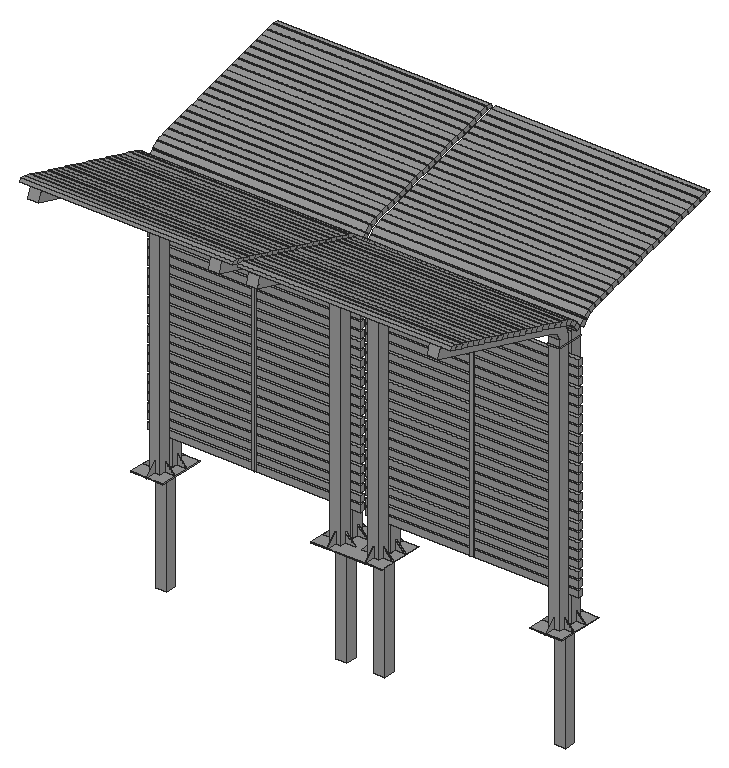
Revit family "20404 Навес «Кайлас» двойной двухсторонний закрытый Хоббика", category Антураж, Revit 2018
Family settings
  На основе рабочей плоскости = Нет
  Всегда вертикально = Да
  При загрузке вырезать с полостями = Нет
  Источник визуального образа = Геометрия семейства
  Общий = Нет
  Точка расчета площади = Нет
Parameters (values of type "Навес «Кайлас» двойной двухсторонний закрытый")
  Ширина = 3050 mm  # constant formula
  Цвет отделки = Дерево
  Цвет каркаса = Сталь
  Описание = "Навес «Кайлас» двойной двухсторонний закрытый"  # constant formula
  Материал изделия = "Сталь, дерево"  # constant formula
  Изображение типоразмера = Навес «Кайлас» двойной двухсторонний закрытый Арт 20404.jpg
  Изготовитель = "ООО «Хоббика»"  # constant formula
  Длина = 4000 mm  # constant formula
  Группа модели = "Навесы и беседки"  # constant formula
  Высота = 3000 mm  # constant formula
  Артикул товара = "Арт. 20404"  # constant formula
  URL = "https://hobbyka.ru/product/naves_kaylas"
Reference planes
  plane 1 "По центру (Вперед/Назад)": y = 0
  plane 2: z = 0
  plane 3 "По центру (Влево/Вправо)": x = 0
  plane 4: x = 4000
  plane 5: y = 3050
  plane 6: z = 3000
Forms (mm)
  Extrusion 1, solid, material "Дерево" <- "Цвет отделки"
    sketch origin (0, 0, 0) x (0, 1, 0) y (0, 0, 1)
      loop
        line (1747.61, 2657.973) -> (1689.827, 2641.814) -> (1700.599, 2603.292) -> (1758.383, 2619.451) -> (1747.61, 2657.973)
      loop
        arc (1680.196, 2639.121) -> (1651.879, 2629.274) -> (1624.997, 2616) r 241.97
        line (1624.997, 2616) -> (1644.894, 2581.3)
        arc (1644.894, 2581.3) -> (1667.333, 2592.379) -> (1690.969, 2600.599) r 201.97
        line (1690.969, 2600.599) -> (1680.196, 2639.121)
      loop
        line (1637.741, 2577) -> (1616.427, 2610.848)
        arc (1616.427, 2610.848) -> (1592.095, 2593.331) -> (1570.117, 2572.94) r 241.97
        line (1570.117, 2572.94) -> (1599.087, 2545.359)
        arc (1599.087, 2545.359) -> (1617.432, 2562.379) -> (1637.741, 2577) r 201.97
      loop
        line (1593.458, 2539.196) -> (1563.373, 2565.558)
        arc (1563.373, 2565.558) -> (1545.05, 2541.828) -> (1529.801, 2516.014) r 241.97
        line (1529.801, 2516.014) -> (1565.436, 2497.843)
        arc (1565.436, 2497.843) -> (1578.163, 2519.389) -> (1593.458, 2539.196) r 201.97
      loop
        line (1815.024, 2676.825) -> (1757.241, 2660.666) -> (1768.013, 2622.144) -> (1825.796, 2638.303) -> (1815.024, 2676.825)
      loop
        line (1882.437, 2695.677) -> (1824.654, 2679.518) -> (1835.427, 2640.996) -> (1893.21, 2657.155) -> (1882.437, 2695.677)
      loop
        line (1949.851, 2714.529) -> (1892.068, 2698.37) -> (1902.841, 2659.848) -> (1960.624, 2676.007) -> (1949.851, 2714.529)
      loop
        line (2017.265, 2733.381) -> (1959.482, 2717.222) -> (1970.254, 2678.7) -> (2028.037, 2694.858) -> (2017.265, 2733.381)
      loop
        line (2084.679, 2752.232) -> (2026.895, 2736.074) -> (2037.668, 2697.552) -> (2095.451, 2713.71) -> (2084.679, 2752.232)
      loop
        line (2152.092, 2771.084) -> (2094.309, 2754.926) -> (2105.082, 2716.403) -> (2162.865, 2732.562) -> (2152.092, 2771.084)
      loop
        line (2219.506, 2789.936) -> (2161.723, 2773.777) -> (2172.495, 2735.255) -> (2230.278, 2751.414) -> (2219.506, 2789.936)
      loop
        line (2286.92, 2808.788) -> (2229.137, 2792.629) -> (2239.909, 2754.107) -> (2297.692, 2770.266) -> (2286.92, 2808.788)
      loop
        line (2354.333, 2827.64) -> (2296.55, 2811.481) -> (2307.323, 2772.959) -> (2365.106, 2789.118) -> (2354.333, 2827.64)
      loop
        line (2421.747, 2846.492) -> (2363.964, 2830.333) -> (2374.736, 2791.811) -> (2432.52, 2807.97) -> (2421.747, 2846.492)
      loop
        line (2489.161, 2865.344) -> (2431.378, 2849.185) -> (2442.15, 2810.663) -> (2499.933, 2826.822) -> (2489.161, 2865.344)
      loop
        line (2556.574, 2884.196) -> (2498.791, 2868.037) -> (2509.564, 2829.515) -> (2567.347, 2845.673) -> (2556.574, 2884.196)
      loop
        line (2623.988, 2903.047) -> (2566.205, 2886.889) -> (2576.977, 2848.367) -> (2634.761, 2864.525) -> (2623.988, 2903.047)
      loop
        line (2691.402, 2921.899) -> (2633.619, 2905.741) -> (2644.391, 2867.218) -> (2702.174, 2883.377) -> (2691.402, 2921.899)
      loop
        line (2758.816, 2940.751) -> (2701.032, 2924.592) -> (2711.805, 2886.07) -> (2769.588, 2902.229) -> (2758.816, 2940.751)
      loop
        line (2826.229, 2959.603) -> (2768.446, 2943.444) -> (2779.219, 2904.922) -> (2837.002, 2921.081) -> (2826.229, 2959.603)
      loop
        line (2893.643, 2978.455) -> (2835.86, 2962.296) -> (2846.632, 2923.774) -> (2904.415, 2939.933) -> (2893.643, 2978.455)
      loop
        line (2961.057, 2997.307) -> (2903.273, 2981.148) -> (2914.046, 2942.626) -> (2971.829, 2958.785) -> (2961.057, 2997.307)
      loop
        line (3023.069, 2973.114) -> (3015.55, 3000) -> (2970.687, 3000) -> (2981.46, 2961.478) -> (3023.069, 2973.114)
      loop
        line (1302.39, 2657.973) -> (1291.617, 2619.451) -> (1349.401, 2603.292) -> (1360.173, 2641.814) -> (1302.39, 2657.973)
      loop
        line (1369.804, 2639.121) -> (1359.031, 2600.599)
        arc (1359.031, 2600.599) -> (1382.667, 2592.379) -> (1405.106, 2581.3) r 201.97
        line (1405.106, 2581.3) -> (1425.003, 2616)
        arc (1425.003, 2616) -> (1398.121, 2629.274) -> (1369.804, 2639.121) r 241.97
      loop
        arc (1412.259, 2577) -> (1432.568, 2562.379) -> (1450.913, 2545.359) r 201.97
        line (1450.913, 2545.359) -> (1479.883, 2572.94)
        arc (1479.883, 2572.94) -> (1457.905, 2593.331) -> (1433.573, 2610.848) r 241.97
        line (1433.573, 2610.848) -> (1412.259, 2577)
      loop
        arc (1456.542, 2539.196) -> (1471.837, 2519.389) -> (1484.564, 2497.843) r 201.97
        line (1484.564, 2497.843) -> (1520.199, 2516.014)
        arc (1520.199, 2516.014) -> (1504.95, 2541.828) -> (1486.627, 2565.558) r 241.97
        line (1486.627, 2565.558) -> (1456.542, 2539.196)
      loop
        line (1234.976, 2676.825) -> (1224.204, 2638.303) -> (1281.987, 2622.144) -> (1292.759, 2660.666) -> (1234.976, 2676.825)
      loop
        line (1167.563, 2695.677) -> (1156.79, 2657.155) -> (1214.573, 2640.996) -> (1225.346, 2679.518) -> (1167.563, 2695.677)
      loop
        line (1100.149, 2714.529) -> (1089.376, 2676.007) -> (1147.159, 2659.848) -> (1157.932, 2698.37) -> (1100.149, 2714.529)
      loop
        line (1032.735, 2733.381) -> (1021.963, 2694.858) -> (1079.746, 2678.7) -> (1090.518, 2717.222) -> (1032.735, 2733.381)
      loop
        line (965.321, 2752.232) -> (954.549, 2713.71) -> (1012.332, 2697.552) -> (1023.105, 2736.074) -> (965.321, 2752.232)
      loop
        line (897.908, 2771.084) -> (887.135, 2732.562) -> (944.918, 2716.403) -> (955.691, 2754.926) -> (897.908, 2771.084)
      loop
        line (830.494, 2789.936) -> (819.722, 2751.414) -> (877.505, 2735.255) -> (888.277, 2773.777) -> (830.494, 2789.936)
      loop
        line (763.08, 2808.788) -> (752.308, 2770.266) -> (810.091, 2754.107) -> (820.863, 2792.629) -> (763.08, 2808.788)
      loop
        line (695.667, 2827.64) -> (684.894, 2789.118) -> (742.677, 2772.959) -> (753.45, 2811.481) -> (695.667, 2827.64)
      loop
        line (628.253, 2846.492) -> (617.48, 2807.97) -> (675.264, 2791.811) -> (686.036, 2830.333) -> (628.253, 2846.492)
      loop
        line (560.839, 2865.344) -> (550.067, 2826.822) -> (607.85, 2810.663) -> (618.622, 2849.185) -> (560.839, 2865.344)
      loop
        line (493.426, 2884.196) -> (482.653, 2845.673) -> (540.436, 2829.515) -> (551.209, 2868.037) -> (493.426, 2884.196)
      loop
        line (426.012, 2903.047) -> (415.239, 2864.525) -> (473.023, 2848.367) -> (483.795, 2886.889) -> (426.012, 2903.047)
      loop
        line (358.598, 2921.899) -> (347.826, 2883.377) -> (405.609, 2867.218) -> (416.381, 2905.741) -> (358.598, 2921.899)
      loop
        line (291.184, 2940.751) -> (280.412, 2902.229) -> (338.195, 2886.07) -> (348.968, 2924.592) -> (291.184, 2940.751)
      loop
        line (223.771, 2959.603) -> (212.998, 2921.081) -> (270.781, 2904.922) -> (281.554, 2943.444) -> (223.771, 2959.603)
      loop
        line (156.357, 2978.455) -> (145.585, 2939.933) -> (203.368, 2923.774) -> (214.14, 2962.296) -> (156.357, 2978.455)
      loop
        line (88.943, 2997.307) -> (78.171, 2958.785) -> (135.954, 2942.626) -> (146.727, 2981.148) -> (88.943, 2997.307)
      loop
        line (26.931, 2973.114) -> (68.54, 2961.478) -> (79.313, 3000) -> (34.45, 3000) -> (26.931, 2973.114)
      loop
        line (1545, 2250) -> (1505, 2250) -> (1505, 2190) -> (1545, 2190) -> (1545, 2250)
      loop
        line (1545, 2170) -> (1505, 2170) -> (1505, 2110) -> (1545, 2110) -> (1545, 2170)
      loop
        line (1545, 2090) -> (1505, 2090) -> (1505, 2030) -> (1545, 2030) -> (1545, 2090)
      loop
        line (1545, 2010) -> (1505, 2010) -> (1505, 1950) -> (1545, 1950) -> (1545, 2010)
      loop
        line (1545, 1930) -> (1505, 1930) -> (1505, 1870) -> (1545, 1870) -> (1545, 1930)
      loop
        line (1545, 1850) -> (1505, 1850) -> (1505, 1790) -> (1545, 1790) -> (1545, 1850)
      loop
        line (1545, 1770) -> (1505, 1770) -> (1505, 1710) -> (1545, 1710) -> (1545, 1770)
      loop
        line (1545, 1690) -> (1505, 1690) -> (1505, 1630) -> (1545, 1630) -> (1545, 1690)
      loop
        line (1545, 1610) -> (1505, 1610) -> (1505, 1550) -> (1545, 1550) -> (1545, 1610)
      loop
        line (1545, 1530) -> (1505, 1530) -> (1505, 1470) -> (1545, 1470) -> (1545, 1530)
      loop
        line (1545, 1450) -> (1505, 1450) -> (1505, 1390) -> (1545, 1390) -> (1545, 1450)
      loop
        line (1545, 1370) -> (1505, 1370) -> (1505, 1310) -> (1545, 1310) -> (1545, 1370)
      loop
        line (1545, 1290) -> (1505, 1290) -> (1505, 1230) -> (1545, 1230) -> (1545, 1290)
      loop
        line (1545, 1210) -> (1505, 1210) -> (1505, 1150) -> (1545, 1150) -> (1545, 1210)
      loop
        line (1545, 1130) -> (1505, 1130) -> (1505, 1070) -> (1545, 1070) -> (1545, 1130)
      loop
        line (1545, 1050) -> (1505, 1050) -> (1505, 990) -> (1545, 990) -> (1545, 1050)
      loop
        line (1545, 970) -> (1505, 970) -> (1505, 910) -> (1545, 910) -> (1545, 970)
      loop
        line (1545, 890) -> (1505, 890) -> (1505, 830) -> (1545, 830) -> (1545, 890)
      loop
        line (1545, 810) -> (1505, 810) -> (1505, 750) -> (1545, 750) -> (1545, 810)
      loop
        line (1545, 730) -> (1505, 730) -> (1505, 670) -> (1545, 670) -> (1545, 730)
      loop
        line (1545, 650) -> (1505, 650) -> (1505, 590) -> (1545, 590) -> (1545, 650)
      loop
        line (1545, 570) -> (1505, 570) -> (1505, 510) -> (1545, 510) -> (1545, 570)
      loop
        line (1545, 490) -> (1505, 490) -> (1505, 430) -> (1545, 430) -> (1545, 490)
      loop
        line (1545, 410) -> (1505, 410) -> (1505, 350) -> (1545, 350) -> (1545, 410)
      loop
        line (1545, 330) -> (1505, 330) -> (1505, 270) -> (1545, 270) -> (1545, 330)
    from 0 to 1975
  Extrusion 2, solid, material "Сталь" <- "Цвет каркаса"
    sketch origin (0, 0, 0) x (0, 1, 0) y (0, 0, 1)
      loop
        line (1545, 2431.527) -> (1545, 0) -> (1645, 0) -> (1645, 2424.129)
        arc (1645, 2424.129) -> (1669.921, 2474.696) -> (1717.9, 2504.294) r 101.97
        line (1717.9, 2504.294) -> (3050, 2876.808) -> (3023.069, 2973.114) -> (1690.969, 2600.599)
        arc (1690.969, 2600.599) -> (1592.485, 2538.078) -> (1545, 2431.527) r 201.97
      loop
        arc (1505, 2431.527) -> (1457.515, 2538.078) -> (1359.031, 2600.599) r 201.97
        line (1359.031, 2600.599) -> (26.931, 2973.114) -> (0, 2876.808) -> (1332.1, 2504.294)
        arc (1332.1, 2504.294) -> (1380.079, 2474.696) -> (1405, 2424.129) r 101.97
        line (1405, 2424.129) -> (1405, 0) -> (1505, 0) -> (1505, 2431.527)
    from 100 to 200
  Extrusion 3, solid, material "Сталь" <- "Цвет каркаса"
    sketch origin (0, 0, 0) x (0, 1, 0) y (0, 0, 1)
      loop
        arc (1505, 2431.527) -> (1457.515, 2538.078) -> (1359.031, 2600.599) r 201.97
        line (1359.031, 2600.599) -> (26.931, 2973.114) -> (0, 2876.808) -> (1332.1, 2504.294)
        arc (1332.1, 2504.294) -> (1380.079, 2474.696) -> (1405, 2424.129) r 101.97
        line (1405, 2424.129) -> (1405, 5) -> (1452.5, 5) -> (1452.5, 100) -> (1457.5, 100) -> (1457.5, 5) -> (1505, 5) -> (1505, 2431.527)
      loop
        line (1545, 5) -> (1592.5, 5) -> (1592.5, 100) -> (1597.5, 100) -> (1597.5, 5) -> (1645, 5) -> (1645, 2424.129)
        arc (1645, 2424.129) -> (1669.921, 2474.696) -> (1717.9, 2504.294) r 101.97
        line (1717.9, 2504.294) -> (3050, 2876.808) -> (3023.069, 2973.114) -> (1690.969, 2600.599)
        arc (1690.969, 2600.599) -> (1592.485, 2538.078) -> (1545, 2431.527) r 201.97
        line (1545, 2431.527) -> (1545, 5)
    from 1775 to 1875
  Extrusion 4, solid, material "Сталь" <- "Цвет каркаса"
    sketch origin (0, 0, 0) x (0, 1, 0) y (0, 0, 1)
      loop
        arc (1505, 2431.527) -> (1457.515, 2538.078) -> (1359.031, 2600.599) r 201.97
        line (1359.031, 2600.599) -> (26.931, 2973.114) -> (0, 2876.808) -> (1332.1, 2504.294)
        arc (1332.1, 2504.294) -> (1380.079, 2474.696) -> (1405, 2424.129) r 101.97
        line (1405, 2424.129) -> (1405, 5) -> (1452.5, 5) -> (1452.5, 100) -> (1457.5, 100) -> (1457.5, 5) -> (1505, 5) -> (1505, 2431.527)
      loop
        line (1545, 5) -> (1592.5, 5) -> (1592.5, 100) -> (1597.5, 100) -> (1597.5, 5) -> (1645, 5) -> (1645, 2424.129)
        arc (1645, 2424.129) -> (1669.921, 2474.696) -> (1717.9, 2504.294) r 101.97
        line (1717.9, 2504.294) -> (3050, 2876.808) -> (3023.069, 2973.114) -> (1690.969, 2600.599)
        arc (1690.969, 2600.599) -> (1592.485, 2538.078) -> (1545, 2431.527) r 201.97
        line (1545, 2431.527) -> (1545, 5)
    from 2125 to 2225
  Extrusion 5, solid, material "Сталь" <- "Цвет каркаса"
    sketch origin (0, 0, 0) x (0, 1, 0) y (0, 0, 1)
      loop
        arc (1505, 2431.527) -> (1457.515, 2538.078) -> (1359.031, 2600.599) r 201.97
        line (1359.031, 2600.599) -> (26.931, 2973.114) -> (0, 2876.808) -> (1332.1, 2504.294)
        arc (1332.1, 2504.294) -> (1380.079, 2474.696) -> (1405, 2424.129) r 101.97
        line (1405, 2424.129) -> (1405, 5) -> (1452.5, 5) -> (1452.5, 100) -> (1457.5, 100) -> (1457.5, 5) -> (1505, 5) -> (1505, 2431.527)
      loop
        line (1545, 5) -> (1592.5, 5) -> (1592.5, 100) -> (1597.5, 100) -> (1597.5, 5) -> (1645, 5) -> (1645, 2424.129)
        arc (1645, 2424.129) -> (1669.921, 2474.696) -> (1717.9, 2504.294) r 101.97
        line (1717.9, 2504.294) -> (3050, 2876.808) -> (3023.069, 2973.114) -> (1690.969, 2600.599)
        arc (1690.969, 2600.599) -> (1592.485, 2538.078) -> (1545, 2431.527) r 201.97
        line (1545, 2431.527) -> (1545, 5)
    from 3800 to 3900
  Extrusion 6, solid, material "Сталь" <- "Цвет каркаса"
    sketch origin (0, 0, 0) x (1, 0, 0) y (0, 1, 0)
      loop
        line (100, 1475) -> (200, 1475) -> (200, 1575) -> (100, 1575) -> (100, 1475)
      loop
        line (1775, 1475) -> (1875, 1475) -> (1875, 1575) -> (1775, 1575) -> (1775, 1475)
      loop
        line (2125, 1475) -> (2225, 1475) -> (2225, 1575) -> (2125, 1575) -> (2125, 1475)
      loop
        line (3800, 1475) -> (3900, 1475) -> (3900, 1575) -> (3800, 1575) -> (3800, 1475)
    from 0 to -1000
  Extrusion 7, solid, material "Сталь" <- "Цвет каркаса"
    sketch origin (0, 0, 0) x (1, 0, 0) y (0, 1, 0)
      loop
        line (300, 1310) -> (300, 1740) -> (0, 1740) -> (0, 1310) -> (300, 1310)
      loop
        line (1675, 1740) -> (1675, 1310) -> (2325, 1310) -> (2325, 1740) -> (1675, 1740)
      loop
        line (4000, 1310) -> (4000, 1740) -> (3700, 1740) -> (3700, 1310) -> (4000, 1310)
    from 0 to 5
  Extrusion 8, solid, material "Сталь" <- "Цвет каркаса"
    sketch origin (0, 0, 0) x (0, 1, 0) y (0, 0, 1)
      loop
        line (1645, 0) -> (1745, 0) -> (1645, 100) -> (1645, 0)
      loop
        line (1405, 100) -> (1305, 0) -> (1405, 0) -> (1405, 100)
    from 147.5 to 152.5
  Extrusion 9, solid, material "Сталь" <- "Цвет каркаса"
    sketch origin (0, 0, 0) x (1, 0, 0) y (0, 0, 1)
      loop
        line (100, 100) -> (0, 0) -> (100, 0) -> (100, 100)
      loop
        line (200, 100) -> (200, 0) -> (300, 0) -> (200, 100)
      loop
        line (1775, 100) -> (1675, 0) -> (1775, 0) -> (1775, 100)
      loop
        line (1875, 100) -> (1875, 0) -> (1975, 0) -> (1875, 100)
      loop
        line (2125, 100) -> (2025, 0) -> (2125, 0) -> (2125, 100)
      loop
        line (2225, 100) -> (2225, 0) -> (2325, 0) -> (2225, 100)
      loop
        line (3800, 100) -> (3700, 0) -> (3800, 0) -> (3800, 100)
      loop
        line (3900, 100) -> (3900, 0) -> (4000, 0) -> (3900, 100)
    from -1457.5 to -1452.5
  Extrusion 10, solid, material "Сталь" <- "Цвет каркаса"
    sketch origin (0, 0, 0) x (1, 0, 0) y (0, 0, 1)
      loop
        line (100, 100) -> (0, 0) -> (100, 0) -> (100, 100)
      loop
        line (200, 100) -> (200, 0) -> (300, 0) -> (200, 100)
      loop
        line (1775, 100) -> (1675, 0) -> (1775, 0) -> (1775, 100)
      loop
        line (1875, 100) -> (1875, 0) -> (1975, 0) -> (1875, 100)
      loop
        line (2125, 100) -> (2025, 0) -> (2125, 0) -> (2125, 100)
      loop
        line (2225, 100) -> (2225, 0) -> (2325, 0) -> (2225, 100)
      loop
        line (3800, 100) -> (3700, 0) -> (3800, 0) -> (3800, 100)
      loop
        line (3900, 100) -> (3900, 0) -> (4000, 0) -> (3900, 100)
    from -1597.5 to -1592.5
  Extrusion 11, solid, material "Сталь" <- "Цвет каркаса"
    sketch origin (0, 0, 0) x (0, 1, 0) y (0, 0, 1)
      loop
        line (1645, 0) -> (1745, 0) -> (1645, 100) -> (1645, 0)
      loop
        line (1405, 100) -> (1305, 0) -> (1405, 0) -> (1405, 100)
    from 1822.5 to 1827.5
  Extrusion 12, solid, material "Сталь" <- "Цвет каркаса"
    sketch origin (0, 0, 0) x (0, 1, 0) y (0, 0, 1)
      loop
        line (1645, 0) -> (1745, 0) -> (1645, 100) -> (1645, 0)
      loop
        line (1405, 100) -> (1305, 0) -> (1405, 0) -> (1405, 100)
    from 2172.5 to 2177.5
  Extrusion 13, solid, material "Сталь" <- "Цвет каркаса"
    sketch origin (0, 0, 0) x (0, 1, 0) y (0, 0, 1)
      loop
        line (1645, 0) -> (1745, 0) -> (1645, 100) -> (1645, 0)
      loop
        line (1405, 100) -> (1305, 0) -> (1405, 0) -> (1405, 100)
    from 3847.5 to 3852.5
  Extrusion 14, solid, material "Сталь" <- "Цвет каркаса"
    sketch origin (0, 0, 0) x (1, 0, 0) y (0, 1, 0)
      loop
        line (100, 1645) -> (100, 1405) -> (200, 1405) -> (200, 1645) -> (100, 1645)
      loop
        line (95, 1650) -> (95, 1400) -> (205, 1400) -> (205, 1650) -> (95, 1650)
      loop
        line (1775, 1645) -> (1775, 1405) -> (1875, 1405) -> (1875, 1645) -> (1775, 1645)
      loop
        line (1770, 1650) -> (1770, 1400) -> (1880, 1400) -> (1880, 1650) -> (1770, 1650)
      loop
        line (2125, 1645) -> (2125, 1405) -> (2225, 1405) -> (2225, 1645) -> (2125, 1645)
      loop
        line (2120, 1650) -> (2120, 1400) -> (2230, 1400) -> (2230, 1650) -> (2120, 1650)
      loop
        line (3800, 1645) -> (3800, 1405) -> (3900, 1405) -> (3900, 1645) -> (3800, 1645)
      loop
        line (3795, 1650) -> (3795, 1400) -> (3905, 1400) -> (3905, 1650) -> (3795, 1650)
    from 2350 to 2360
  Extrusion 15, solid, material "Дерево" <- "Цвет отделки"
    sketch origin (0, 0, 0) x (0, 1, 0) y (0, 0, 1)
      loop
        line (1747.61, 2657.973) -> (1689.827, 2641.814) -> (1700.599, 2603.292) -> (1758.383, 2619.451) -> (1747.61, 2657.973)
      loop
        arc (1680.196, 2639.121) -> (1651.879, 2629.274) -> (1624.997, 2616) r 241.97
        line (1624.997, 2616) -> (1644.894, 2581.3)
        arc (1644.894, 2581.3) -> (1667.333, 2592.379) -> (1690.969, 2600.599) r 201.97
        line (1690.969, 2600.599) -> (1680.196, 2639.121)
      loop
        line (1637.741, 2577) -> (1616.427, 2610.848)
        arc (1616.427, 2610.848) -> (1592.095, 2593.331) -> (1570.117, 2572.94) r 241.97
        line (1570.117, 2572.94) -> (1599.087, 2545.359)
        arc (1599.087, 2545.359) -> (1617.432, 2562.379) -> (1637.741, 2577) r 201.97
      loop
        line (1593.458, 2539.196) -> (1563.373, 2565.558)
        arc (1563.373, 2565.558) -> (1545.05, 2541.828) -> (1529.801, 2516.014) r 241.97
        line (1529.801, 2516.014) -> (1565.436, 2497.843)
        arc (1565.436, 2497.843) -> (1578.163, 2519.389) -> (1593.458, 2539.196) r 201.97
      loop
        line (1815.024, 2676.825) -> (1757.241, 2660.666) -> (1768.013, 2622.144) -> (1825.796, 2638.303) -> (1815.024, 2676.825)
      loop
        line (1882.437, 2695.677) -> (1824.654, 2679.518) -> (1835.427, 2640.996) -> (1893.21, 2657.155) -> (1882.437, 2695.677)
      loop
        line (1949.851, 2714.529) -> (1892.068, 2698.37) -> (1902.841, 2659.848) -> (1960.624, 2676.007) -> (1949.851, 2714.529)
      loop
        line (2017.265, 2733.381) -> (1959.482, 2717.222) -> (1970.254, 2678.7) -> (2028.037, 2694.858) -> (2017.265, 2733.381)
      loop
        line (2084.679, 2752.232) -> (2026.895, 2736.074) -> (2037.668, 2697.552) -> (2095.451, 2713.71) -> (2084.679, 2752.232)
      loop
        line (2152.092, 2771.084) -> (2094.309, 2754.926) -> (2105.082, 2716.403) -> (2162.865, 2732.562) -> (2152.092, 2771.084)
      loop
        line (2219.506, 2789.936) -> (2161.723, 2773.777) -> (2172.495, 2735.255) -> (2230.278, 2751.414) -> (2219.506, 2789.936)
      loop
        line (2286.92, 2808.788) -> (2229.137, 2792.629) -> (2239.909, 2754.107) -> (2297.692, 2770.266) -> (2286.92, 2808.788)
      loop
        line (2354.333, 2827.64) -> (2296.55, 2811.481) -> (2307.323, 2772.959) -> (2365.106, 2789.118) -> (2354.333, 2827.64)
      loop
        line (2421.747, 2846.492) -> (2363.964, 2830.333) -> (2374.736, 2791.811) -> (2432.52, 2807.97) -> (2421.747, 2846.492)
      loop
        line (2489.161, 2865.344) -> (2431.378, 2849.185) -> (2442.15, 2810.663) -> (2499.933, 2826.822) -> (2489.161, 2865.344)
      loop
        line (2556.574, 2884.196) -> (2498.791, 2868.037) -> (2509.564, 2829.515) -> (2567.347, 2845.673) -> (2556.574, 2884.196)
      loop
        line (2623.988, 2903.047) -> (2566.205, 2886.889) -> (2576.977, 2848.367) -> (2634.761, 2864.525) -> (2623.988, 2903.047)
      loop
        line (2691.402, 2921.899) -> (2633.619, 2905.741) -> (2644.391, 2867.218) -> (2702.174, 2883.377) -> (2691.402, 2921.899)
      loop
        line (2758.816, 2940.751) -> (2701.032, 2924.592) -> (2711.805, 2886.07) -> (2769.588, 2902.229) -> (2758.816, 2940.751)
      loop
        line (2826.229, 2959.603) -> (2768.446, 2943.444) -> (2779.219, 2904.922) -> (2837.002, 2921.081) -> (2826.229, 2959.603)
      loop
        line (2893.643, 2978.455) -> (2835.86, 2962.296) -> (2846.632, 2923.774) -> (2904.415, 2939.933) -> (2893.643, 2978.455)
      loop
        line (2961.057, 2997.307) -> (2903.273, 2981.148) -> (2914.046, 2942.626) -> (2971.829, 2958.785) -> (2961.057, 2997.307)
      loop
        line (3023.069, 2973.114) -> (3015.55, 3000) -> (2970.687, 3000) -> (2981.46, 2961.478) -> (3023.069, 2973.114)
      loop
        line (1302.39, 2657.973) -> (1291.617, 2619.451) -> (1349.401, 2603.292) -> (1360.173, 2641.814) -> (1302.39, 2657.973)
      loop
        line (1369.804, 2639.121) -> (1359.031, 2600.599)
        arc (1359.031, 2600.599) -> (1382.667, 2592.379) -> (1405.106, 2581.3) r 201.97
        line (1405.106, 2581.3) -> (1425.003, 2616)
        arc (1425.003, 2616) -> (1398.121, 2629.274) -> (1369.804, 2639.121) r 241.97
      loop
        arc (1412.259, 2577) -> (1432.568, 2562.379) -> (1450.913, 2545.359) r 201.97
        line (1450.913, 2545.359) -> (1479.883, 2572.94)
        arc (1479.883, 2572.94) -> (1457.905, 2593.331) -> (1433.573, 2610.848) r 241.97
        line (1433.573, 2610.848) -> (1412.259, 2577)
      loop
        arc (1456.542, 2539.196) -> (1471.837, 2519.389) -> (1484.564, 2497.843) r 201.97
        line (1484.564, 2497.843) -> (1520.199, 2516.014)
        arc (1520.199, 2516.014) -> (1504.95, 2541.828) -> (1486.627, 2565.558) r 241.97
        line (1486.627, 2565.558) -> (1456.542, 2539.196)
      loop
        line (1234.976, 2676.825) -> (1224.204, 2638.303) -> (1281.987, 2622.144) -> (1292.759, 2660.666) -> (1234.976, 2676.825)
      loop
        line (1167.563, 2695.677) -> (1156.79, 2657.155) -> (1214.573, 2640.996) -> (1225.346, 2679.518) -> (1167.563, 2695.677)
      loop
        line (1100.149, 2714.529) -> (1089.376, 2676.007) -> (1147.159, 2659.848) -> (1157.932, 2698.37) -> (1100.149, 2714.529)
      loop
        line (1032.735, 2733.381) -> (1021.963, 2694.858) -> (1079.746, 2678.7) -> (1090.518, 2717.222) -> (1032.735, 2733.381)
      loop
        line (965.321, 2752.232) -> (954.549, 2713.71) -> (1012.332, 2697.552) -> (1023.105, 2736.074) -> (965.321, 2752.232)
      loop
        line (897.908, 2771.084) -> (887.135, 2732.562) -> (944.918, 2716.403) -> (955.691, 2754.926) -> (897.908, 2771.084)
      loop
        line (830.494, 2789.936) -> (819.722, 2751.414) -> (877.505, 2735.255) -> (888.277, 2773.777) -> (830.494, 2789.936)
      loop
        line (763.08, 2808.788) -> (752.308, 2770.266) -> (810.091, 2754.107) -> (820.863, 2792.629) -> (763.08, 2808.788)
      loop
        line (695.667, 2827.64) -> (684.894, 2789.118) -> (742.677, 2772.959) -> (753.45, 2811.481) -> (695.667, 2827.64)
      loop
        line (628.253, 2846.492) -> (617.48, 2807.97) -> (675.264, 2791.811) -> (686.036, 2830.333) -> (628.253, 2846.492)
      loop
        line (560.839, 2865.344) -> (550.067, 2826.822) -> (607.85, 2810.663) -> (618.622, 2849.185) -> (560.839, 2865.344)
      loop
        line (493.426, 2884.196) -> (482.653, 2845.673) -> (540.436, 2829.515) -> (551.209, 2868.037) -> (493.426, 2884.196)
      loop
        line (426.012, 2903.047) -> (415.239, 2864.525) -> (473.023, 2848.367) -> (483.795, 2886.889) -> (426.012, 2903.047)
      loop
        line (358.598, 2921.899) -> (347.826, 2883.377) -> (405.609, 2867.218) -> (416.381, 2905.741) -> (358.598, 2921.899)
      loop
        line (291.184, 2940.751) -> (280.412, 2902.229) -> (338.195, 2886.07) -> (348.968, 2924.592) -> (291.184, 2940.751)
      loop
        line (223.771, 2959.603) -> (212.998, 2921.081) -> (270.781, 2904.922) -> (281.554, 2943.444) -> (223.771, 2959.603)
      loop
        line (156.357, 2978.455) -> (145.585, 2939.933) -> (203.368, 2923.774) -> (214.14, 2962.296) -> (156.357, 2978.455)
      loop
        line (88.943, 2997.307) -> (78.171, 2958.785) -> (135.954, 2942.626) -> (146.727, 2981.148) -> (88.943, 2997.307)
      loop
        line (26.931, 2973.114) -> (68.54, 2961.478) -> (79.313, 3000) -> (34.45, 3000) -> (26.931, 2973.114)
      loop
        line (1505, 2250) -> (1505, 2190) -> (1545, 2190) -> (1545, 2250) -> (1505, 2250)
      loop
        line (1505, 2170) -> (1505, 2110) -> (1545, 2110) -> (1545, 2170) -> (1505, 2170)
      loop
        line (1545, 2030) -> (1545, 2090) -> (1505, 2090) -> (1505, 2030) -> (1545, 2030)
      loop
        line (1545, 1950) -> (1545, 2010) -> (1505, 2010) -> (1505, 1950) -> (1545, 1950)
      loop
        line (1545, 1870) -> (1545, 1930) -> (1505, 1930) -> (1505, 1870) -> (1545, 1870)
      loop
        line (1545, 1790) -> (1545, 1850) -> (1505, 1850) -> (1505, 1790) -> (1545, 1790)
      loop
        line (1545, 1710) -> (1545, 1770) -> (1505, 1770) -> (1505, 1710) -> (1545, 1710)
      loop
        line (1545, 1630) -> (1545, 1690) -> (1505, 1690) -> (1505, 1630) -> (1545, 1630)
      loop
        line (1505, 1610) -> (1505, 1550) -> (1545, 1550) -> (1545, 1610) -> (1505, 1610)
      loop
        line (1505, 1530) -> (1505, 1470) -> (1545, 1470) -> (1545, 1530) -> (1505, 1530)
      loop
        line (1545, 1390) -> (1545, 1450) -> (1505, 1450) -> (1505, 1390) -> (1545, 1390)
      loop
        line (1545, 1310) -> (1545, 1370) -> (1505, 1370) -> (1505, 1310) -> (1545, 1310)
      loop
        line (1545, 1230) -> (1545, 1290) -> (1505, 1290) -> (1505, 1230) -> (1545, 1230)
      loop
        line (1545, 1150) -> (1545, 1210) -> (1505, 1210) -> (1505, 1150) -> (1545, 1150)
      loop
        line (1545, 1070) -> (1545, 1130) -> (1505, 1130) -> (1505, 1070) -> (1545, 1070)
      loop
        line (1545, 990) -> (1545, 1050) -> (1505, 1050) -> (1505, 990) -> (1545, 990)
      loop
        line (1505, 970) -> (1505, 910) -> (1545, 910) -> (1545, 970) -> (1505, 970)
      loop
        line (1505, 890) -> (1505, 830) -> (1545, 830) -> (1545, 890) -> (1505, 890)
      loop
        line (1545, 750) -> (1545, 810) -> (1505, 810) -> (1505, 750) -> (1545, 750)
      loop
        line (1545, 670) -> (1545, 730) -> (1505, 730) -> (1505, 670) -> (1545, 670)
      loop
        line (1545, 590) -> (1545, 650) -> (1505, 650) -> (1505, 590) -> (1545, 590)
      loop
        line (1545, 510) -> (1545, 570) -> (1505, 570) -> (1505, 510) -> (1545, 510)
      loop
        line (1545, 430) -> (1545, 490) -> (1505, 490) -> (1505, 430) -> (1545, 430)
      loop
        line (1545, 350) -> (1545, 410) -> (1505, 410) -> (1505, 350) -> (1545, 350)
      loop
        line (1505, 330) -> (1505, 270) -> (1545, 270) -> (1545, 330) -> (1505, 330)
    from 2025 to 4000
  Extrusion 16, solid, material "Сталь" <- "Цвет каркаса"
    sketch origin (0, 0, 0) x (1, 0, 0) y (0, 1, 0)
      loop
        line (972.5, 1500) -> (1002.5, 1500) -> (1002.5, 1505) -> (972.5, 1505) -> (972.5, 1500)
      loop
        line (972.5, 1545) -> (1002.5, 1545) -> (1002.5, 1550) -> (972.5, 1550) -> (972.5, 1545)
      loop
        line (2997.5, 1500) -> (3027.5, 1500) -> (3027.5, 1505) -> (2997.5, 1505) -> (2997.5, 1500)
      loop
        line (2997.5, 1545) -> (3027.5, 1545) -> (3027.5, 1550) -> (2997.5, 1550) -> (2997.5, 1545)
    from 270 to 2250
Cuts and joins
  joined: Extrusion 2, Extrusion 3, Extrusion 4, Extrusion 5, Extrusion 7, Extrusion 8, Extrusion 9, Extrusion 10, Extrusion 11, Extrusion 12, Extrusion 13
Dimensions and locks
  "Длина": plane 4 to plane 3 "По центру (Влево/Вправо)"
  "Ширина": plane 5 to plane 1 "По центру (Вперед/Назад)"
  "Высота": plane 6 to plane 2
  aligned and locked: level to plane 2
Automatic sketch dimensions
  Extrusion 2 sketch curve to Extrusion 2 sketch curve = 0 mm  (x4)
  Extrusion 2 sketch curve to plane 1 "По центру (Вперед/Назад)" = 0 mm
  Extrusion 2 sketch curve to level = 0 mm
  level to Extrusion 2 sketch curve = 0 mm
  Extrusion 2 sketch curve to plane 5 = 0 mm
  Extrusion 2 sketch curve to plane 1 "По центру (Вперед/Назад)" = 26.931 mm
  Extrusion 2 sketch curve to plane 6 = 593.909 mm
  Extrusion 2 sketch curve to plane 1 "По центру (Вперед/Назад)" = 1304.638 mm
  Extrusion 2 sketch curve to plane 6 = 495.706 mm  (x2)
  Extrusion 2 sketch curve to Extrusion 2 sketch curve = 27.462 mm  (x2)
  Extrusion 2 sketch curve to plane 6 = 399.401 mm  (x2)
  Extrusion 2 sketch curve to Extrusion 2 sketch curve = 26.931 mm  (x2)
  Extrusion 2 sketch curve to plane 1 "По центру (Вперед/Назад)" = 1405 mm
  Extrusion 2 sketch curve to Extrusion 2 sketch curve = 100 mm  (x2)
  Extrusion 2 sketch curve to Extrusion 2 sketch curve = 40 mm
  Extrusion 2 sketch curve to Extrusion 2 sketch curve = 45.969 mm
  Extrusion 2 sketch curve to plane 5 = 26.931 mm
  Extrusion 2 sketch curve to Extrusion 2 sketch curve = 98.203 mm
  Extrusion 3 sketch curve to Extrusion 3 sketch curve = 0 mm  (x4)
  Extrusion 3 sketch curve to plane 1 "По центру (Вперед/Назад)" = 0 mm
  Extrusion 3 sketch curve to plane 5 = 0 mm
  Extrusion 3 sketch curve to plane 1 "По центру (Вперед/Назад)" = 26.931 mm
  Extrusion 3 sketch curve to plane 6 = 593.909 mm
  Extrusion 3 sketch curve to plane 1 "По центру (Вперед/Назад)" = 1304.638 mm
  Extrusion 3 sketch curve to plane 6 = 495.706 mm  (x2)
  Extrusion 3 sketch curve to Extrusion 3 sketch curve = 27.462 mm  (x2)
  Extrusion 3 sketch curve to plane 6 = 399.401 mm  (x2)
  Extrusion 3 sketch curve to Extrusion 3 sketch curve = 26.931 mm  (x2)
  level to Extrusion 3 sketch curve = 5 mm  (x4)
  Extrusion 3 sketch curve to plane 1 "По центру (Вперед/Назад)" = 1405 mm
  Extrusion 3 sketch curve to Extrusion 3 sketch curve = 47.5 mm  (x4)
  Extrusion 3 sketch curve to Extrusion 3 sketch curve = 5 mm  (x2)
  Extrusion 3 sketch curve to Extrusion 3 sketch curve = 40 mm
  Extrusion 3 sketch curve to Extrusion 3 sketch curve = 45.969 mm
  Extrusion 3 sketch curve to plane 5 = 26.931 mm
  Extrusion 3 sketch curve to Extrusion 3 sketch curve = 95 mm  (x2)
  Extrusion 3 sketch curve to Extrusion 3 sketch curve = 98.203 mm
  Extrusion 4 sketch curve to Extrusion 4 sketch curve = 0 mm  (x4)
  Extrusion 4 sketch curve to plane 1 "По центру (Вперед/Назад)" = 0 mm
  Extrusion 4 sketch curve to plane 5 = 0 mm
  Extrusion 4 sketch curve to plane 1 "По центру (Вперед/Назад)" = 26.931 mm
  Extrusion 4 sketch curve to plane 6 = 593.909 mm
  Extrusion 4 sketch curve to plane 1 "По центру (Вперед/Назад)" = 1304.638 mm
  Extrusion 4 sketch curve to plane 6 = 495.706 mm  (x2)
  Extrusion 4 sketch curve to Extrusion 4 sketch curve = 27.462 mm  (x2)
  Extrusion 4 sketch curve to plane 6 = 399.401 mm  (x2)
  Extrusion 4 sketch curve to Extrusion 4 sketch curve = 26.931 mm  (x2)
  level to Extrusion 4 sketch curve = 5 mm  (x4)
  Extrusion 4 sketch curve to plane 1 "По центру (Вперед/Назад)" = 1405 mm
  Extrusion 4 sketch curve to Extrusion 4 sketch curve = 47.5 mm  (x4)
  Extrusion 4 sketch curve to Extrusion 4 sketch curve = 5 mm  (x2)
  Extrusion 4 sketch curve to Extrusion 4 sketch curve = 40 mm
  Extrusion 4 sketch curve to Extrusion 4 sketch curve = 45.969 mm
  Extrusion 4 sketch curve to plane 5 = 26.931 mm
  Extrusion 4 sketch curve to Extrusion 4 sketch curve = 95 mm  (x2)
  Extrusion 4 sketch curve to Extrusion 4 sketch curve = 98.203 mm
  Extrusion 5 sketch curve to Extrusion 5 sketch curve = 0 mm  (x4)
  Extrusion 5 sketch curve to plane 1 "По центру (Вперед/Назад)" = 0 mm
  Extrusion 5 sketch curve to plane 5 = 0 mm
  Extrusion 5 sketch curve to plane 1 "По центру (Вперед/Назад)" = 26.931 mm
  Extrusion 5 sketch curve to plane 6 = 593.909 mm
  Extrusion 5 sketch curve to plane 1 "По центру (Вперед/Назад)" = 1304.638 mm
  Extrusion 5 sketch curve to plane 6 = 495.706 mm  (x2)
  Extrusion 5 sketch curve to Extrusion 5 sketch curve = 27.462 mm  (x2)
  Extrusion 5 sketch curve to plane 6 = 399.401 mm  (x2)
  Extrusion 5 sketch curve to Extrusion 5 sketch curve = 26.931 mm  (x2)
  level to Extrusion 5 sketch curve = 5 mm  (x4)
  Extrusion 5 sketch curve to plane 1 "По центру (Вперед/Назад)" = 1405 mm
  Extrusion 5 sketch curve to Extrusion 5 sketch curve = 47.5 mm  (x4)
  Extrusion 5 sketch curve to Extrusion 5 sketch curve = 5 mm  (x2)
  Extrusion 5 sketch curve to Extrusion 5 sketch curve = 40 mm
  Extrusion 5 sketch curve to Extrusion 5 sketch curve = 45.969 mm
  Extrusion 5 sketch curve to plane 5 = 26.931 mm
  Extrusion 5 sketch curve to Extrusion 5 sketch curve = 95 mm  (x2)
  Extrusion 5 sketch curve to Extrusion 5 sketch curve = 98.203 mm
  plane 3 "По центру (Влево/Вправо)" to Extrusion 6 sketch curve = 100 mm
  Extrusion 6 sketch curve to Extrusion 6 sketch curve = 100 mm  (x8)
  Extrusion 6 sketch curve to Extrusion 6 sketch curve = 1575 mm
  Extrusion 6 sketch curve to Extrusion 6 sketch curve = 250 mm
  Extrusion 6 sketch curve to plane 4 = 200 mm
  Extrusion 6 sketch curve to plane 1 "По центру (Вперед/Назад)" = 1475 mm  (x3)
  Extrusion 6 sketch curve to Extrusion 6 sketch curve = 0 mm
  Extrusion 7 sketch curve to plane 3 "По центру (Влево/Вправо)" = 0 mm
  Extrusion 7 sketch curve to plane 4 = 0 mm
  plane 3 "По центру (Влево/Вправо)" to Extrusion 7 sketch curve = 300 mm
  Extrusion 7 sketch curve to Extrusion 7 sketch curve = 1375 mm
  Extrusion 7 sketch curve to Extrusion 7 sketch curve = 650 mm
  Extrusion 7 sketch curve to Extrusion 7 sketch curve = 300 mm
  Extrusion 7 sketch curve to plane 1 "По центру (Вперед/Назад)" = 1310 mm  (x3)
  Extrusion 7 sketch curve to Extrusion 7 sketch curve = 430 mm  (x3)
  Extrusion 8 sketch curve to level = 0 mm
  level to Extrusion 8 sketch curve = 0 mm
  Extrusion 8 sketch curve to plane 1 "По центру (Вперед/Назад)" = 1305 mm
  Extrusion 8 sketch curve to Extrusion 8 sketch curve = 100 mm  (x2)
  Extrusion 8 sketch curve to Extrusion 8 sketch curve = 240 mm
  level to Extrusion 8 sketch curve = 100 mm  (x2)
  Extrusion 9 sketch curve to level = 0 mm  (x8)
  Extrusion 9 sketch curve to plane 3 "По центру (Влево/Вправо)" = 0 mm
  Extrusion 9 sketch curve to plane 4 = 0 mm
  plane 3 "По центру (Влево/Вправо)" to Extrusion 9 sketch curve = 100 mm
  level to Extrusion 9 sketch curve = 100 mm  (x6)
  Extrusion 9 sketch curve to Extrusion 9 sketch curve = 100 mm  (x10)
  Extrusion 9 sketch curve to Extrusion 9 sketch curve = 1375 mm
  Extrusion 9 sketch curve to Extrusion 9 sketch curve = 50 mm
  Extrusion 9 sketch curve to plane 4 = 300 mm
  Extrusion 9 sketch curve to Extrusion 9 sketch curve = 0 mm  (x2)
  Extrusion 10 sketch curve to level = 0 mm  (x8)
  Extrusion 10 sketch curve to plane 3 "По центру (Влево/Вправо)" = 0 mm
  Extrusion 10 sketch curve to plane 4 = 0 mm
  plane 3 "По центру (Влево/Вправо)" to Extrusion 10 sketch curve = 100 mm
  level to Extrusion 10 sketch curve = 100 mm  (x6)
  Extrusion 10 sketch curve to Extrusion 10 sketch curve = 100 mm  (x10)
  Extrusion 10 sketch curve to Extrusion 10 sketch curve = 1375 mm
  Extrusion 10 sketch curve to Extrusion 10 sketch curve = 50 mm
  Extrusion 10 sketch curve to plane 4 = 300 mm
  Extrusion 10 sketch curve to Extrusion 10 sketch curve = 0 mm  (x2)
  Extrusion 11 sketch curve to level = 0 mm
  level to Extrusion 11 sketch curve = 0 mm
  Extrusion 11 sketch curve to plane 1 "По центру (Вперед/Назад)" = 1305 mm
  Extrusion 11 sketch curve to Extrusion 11 sketch curve = 100 mm  (x2)
  Extrusion 11 sketch curve to Extrusion 11 sketch curve = 240 mm
  level to Extrusion 11 sketch curve = 100 mm  (x2)
  Extrusion 12 sketch curve to level = 0 mm
  level to Extrusion 12 sketch curve = 0 mm
  Extrusion 12 sketch curve to plane 1 "По центру (Вперед/Назад)" = 1305 mm
  Extrusion 12 sketch curve to Extrusion 12 sketch curve = 100 mm  (x2)
  Extrusion 12 sketch curve to Extrusion 12 sketch curve = 240 mm
  level to Extrusion 12 sketch curve = 100 mm  (x2)
  Extrusion 13 sketch curve to level = 0 mm
  level to Extrusion 13 sketch curve = 0 mm
  Extrusion 13 sketch curve to plane 1 "По центру (Вперед/Назад)" = 1305 mm
  Extrusion 13 sketch curve to Extrusion 13 sketch curve = 100 mm  (x2)
  Extrusion 13 sketch curve to Extrusion 13 sketch curve = 240 mm
  level to Extrusion 13 sketch curve = 100 mm  (x2)
  plane 3 "По центру (Влево/Вправо)" to Extrusion 14 sketch curve = 95 mm
  Extrusion 14 sketch curve to Extrusion 14 sketch curve = 5 mm  (x16)
  Extrusion 14 sketch curve to Extrusion 14 sketch curve = 100 mm  (x4)
  Extrusion 14 sketch curve to Extrusion 14 sketch curve = 1565 mm
  Extrusion 14 sketch curve to Extrusion 14 sketch curve = 240 mm  (x5)
  Extrusion 14 sketch curve to plane 4 = 205 mm
  Extrusion 14 sketch curve to plane 1 "По центру (Вперед/Назад)" = 1400 mm  (x3)
  Extrusion 14 sketch curve to Extrusion 14 sketch curve = 0 mm
  Extrusion 1 sketch curve to Extrusion 1 sketch curve = 0 mm  (x105)
  Extrusion 1 sketch curve to plane 6 = 0 mm  (x2)
  Extrusion 1 sketch curve to plane 1 "По центру (Вперед/Назад)" = 26.931 mm
  Extrusion 1 sketch curve to Extrusion 1 sketch curve = 7.519 mm
  Extrusion 1 sketch curve to plane 6 = 38.522 mm  (x2)
  Extrusion 1 sketch curve to Extrusion 1 sketch curve = 41.609 mm
  Extrusion 1 sketch curve to Extrusion 1 sketch curve = 9.631 mm  (x80)
  Extrusion 1 sketch curve to plane 6 = 2.693 mm  (x2)
  Extrusion 1 sketch curve to plane 6 = 57.374 mm  (x2)
  Extrusion 1 sketch curve to Extrusion 1 sketch curve = 57.783 mm
  Extrusion 1 sketch curve to plane 6 = 60.067 mm
  Extrusion 1 sketch curve to plane 6 = 21.545 mm  (x2)
  Extrusion 1 sketch curve to plane 6 = 76.226 mm  (x2)
  Extrusion 1 sketch curve to plane 6 = 78.919 mm
  Extrusion 1 sketch curve to plane 6 = 40.397 mm  (x2)
  Extrusion 1 sketch curve to plane 6 = 95.078 mm  (x2)
  Extrusion 1 sketch curve to plane 6 = 97.771 mm
  Extrusion 1 sketch curve to plane 6 = 59.249 mm  (x2)
  Extrusion 1 sketch curve to plane 6 = 113.93 mm  (x2)
  Extrusion 1 sketch curve to plane 6 = 116.623 mm
  Extrusion 1 sketch curve to plane 6 = 78.101 mm  (x2)
  Extrusion 1 sketch curve to plane 6 = 132.782 mm  (x2)
  Extrusion 1 sketch curve to plane 6 = 135.475 mm
  Extrusion 1 sketch curve to plane 6 = 96.953 mm  (x2)
  Extrusion 1 sketch curve to plane 6 = 151.633 mm  (x2)
  Extrusion 1 sketch curve to plane 6 = 154.327 mm
  Extrusion 1 sketch curve to plane 6 = 115.804 mm  (x2)
  Extrusion 1 sketch curve to plane 6 = 170.485 mm  (x2)
  Extrusion 1 sketch curve to plane 6 = 173.178 mm
  Extrusion 1 sketch curve to plane 6 = 134.656 mm  (x2)
  Extrusion 1 sketch curve to plane 6 = 189.337 mm  (x2)
  Extrusion 1 sketch curve to plane 6 = 192.03 mm
  Extrusion 1 sketch curve to plane 6 = 153.508 mm  (x2)
  Extrusion 1 sketch curve to plane 6 = 208.189 mm  (x2)
  Extrusion 1 sketch curve to plane 6 = 210.882 mm
  Extrusion 1 sketch curve to plane 6 = 172.36 mm  (x2)
  Extrusion 1 sketch curve to plane 6 = 227.041 mm  (x2)
  Extrusion 1 sketch curve to plane 6 = 229.734 mm
  Extrusion 1 sketch curve to plane 6 = 191.212 mm  (x2)
  Extrusion 1 sketch curve to plane 6 = 245.893 mm  (x2)
  Extrusion 1 sketch curve to plane 6 = 248.586 mm
  Extrusion 1 sketch curve to plane 6 = 210.064 mm  (x2)
  Extrusion 1 sketch curve to plane 6 = 264.745 mm  (x2)
  Extrusion 1 sketch curve to plane 6 = 267.438 mm
  Extrusion 1 sketch curve to plane 6 = 228.916 mm  (x2)
  Extrusion 1 sketch curve to plane 6 = 283.597 mm  (x2)
  Extrusion 1 sketch curve to plane 6 = 286.29 mm
  Extrusion 1 sketch curve to plane 6 = 247.768 mm  (x2)
  Extrusion 1 sketch curve to plane 6 = 302.448 mm  (x2)
  Extrusion 1 sketch curve to plane 6 = 305.142 mm
  Extrusion 1 sketch curve to plane 6 = 266.619 mm  (x2)
  Extrusion 1 sketch curve to plane 6 = 321.3 mm  (x2)
  Extrusion 1 sketch curve to plane 6 = 323.993 mm
  Extrusion 1 sketch curve to plane 6 = 285.471 mm  (x2)
  Extrusion 1 sketch curve to plane 6 = 340.152 mm  (x2)
  Extrusion 1 sketch curve to plane 6 = 342.845 mm
  Extrusion 1 sketch curve to plane 6 = 304.323 mm  (x2)
  Extrusion 1 sketch curve to plane 6 = 359.004 mm  (x2)
  Extrusion 1 sketch curve to plane 6 = 361.697 mm
  Extrusion 1 sketch curve to plane 6 = 323.175 mm  (x2)
  Extrusion 1 sketch curve to plane 6 = 377.856 mm  (x2)
  Extrusion 1 sketch curve to plane 6 = 380.549 mm
  Extrusion 1 sketch curve to plane 6 = 342.027 mm  (x2)
  Extrusion 1 sketch curve to Extrusion 1 sketch curve = 13.021 mm
  Extrusion 1 sketch curve to plane 6 = 396.708 mm  (x2)
  Extrusion 1 sketch curve to plane 6 = 399.401 mm  (x2)
  Extrusion 1 sketch curve to plane 6 = 360.879 mm  (x2)
  Extrusion 1 sketch curve to plane 6 = 418.7 mm  (x2)
  Extrusion 1 sketch curve to Extrusion 1 sketch curve = 46.075 mm
  Extrusion 1 sketch curve to plane 6 = 423 mm  (x2)
  Extrusion 1 sketch curve to Extrusion 1 sketch curve = 7.153 mm  (x2)
  Extrusion 1 sketch curve to plane 6 = 384 mm  (x2)
  Extrusion 1 sketch curve to plane 6 = 389.152 mm  (x2)
  Extrusion 1 sketch curve to Extrusion 1 sketch curve = 8.57 mm  (x2)
  Extrusion 1 sketch curve to plane 6 = 454.641 mm  (x2)
  Extrusion 1 sketch curve to plane 6 = 460.804 mm  (x2)
  Extrusion 1 sketch curve to Extrusion 1 sketch curve = 5.629 mm  (x2)
  Extrusion 1 sketch curve to plane 6 = 427.06 mm  (x2)
  Extrusion 1 sketch curve to plane 6 = 502.157 mm  (x2)
  Extrusion 1 sketch curve to plane 6 = 434.442 mm  (x2)
  Extrusion 1 sketch curve to Extrusion 1 sketch curve = 6.744 mm  (x2)
  Extrusion 1 sketch curve to Extrusion 1 sketch curve = 200.362 mm
  level to Extrusion 1 sketch curve = 270 mm
  Extrusion 1 sketch curve to plane 6 = 483.986 mm  (x2)
  Extrusion 1 sketch curve to Extrusion 1 sketch curve = 9.603 mm
  Extrusion 1 sketch curve to Extrusion 1 sketch curve = 40 mm  (x4)
  Extrusion 1 sketch curve to Extrusion 1 sketch curve = 33.572 mm
  Extrusion 1 sketch curve to Extrusion 1 sketch curve = 35.634 mm
  Extrusion 1 sketch curve to Extrusion 1 sketch curve = 46.31 mm
  Extrusion 1 sketch curve to plane 6 = 358.186 mm
  Extrusion 1 sketch curve to plane 6 = 339.334 mm
  Extrusion 1 sketch curve to plane 6 = 320.482 mm
  Extrusion 1 sketch curve to plane 6 = 301.63 mm
  Extrusion 1 sketch curve to plane 6 = 282.778 mm
  Extrusion 1 sketch curve to plane 6 = 263.926 mm
  Extrusion 1 sketch curve to plane 6 = 245.074 mm
  Extrusion 1 sketch curve to plane 6 = 226.223 mm
  Extrusion 1 sketch curve to plane 6 = 207.371 mm
  Extrusion 1 sketch curve to plane 6 = 188.519 mm
  Extrusion 1 sketch curve to plane 6 = 169.667 mm
  Extrusion 1 sketch curve to plane 6 = 150.815 mm
  Extrusion 1 sketch curve to plane 6 = 131.963 mm
  Extrusion 1 sketch curve to plane 6 = 113.111 mm
  Extrusion 1 sketch curve to plane 6 = 94.259 mm
  Extrusion 1 sketch curve to plane 6 = 75.408 mm
  Extrusion 1 sketch curve to plane 6 = 56.556 mm
  Extrusion 1 sketch curve to plane 6 = 37.704 mm
  Extrusion 1 sketch curve to plane 6 = 18.852 mm
  Extrusion 1 sketch curve to plane 5 = 34.45 mm
  Extrusion 1 sketch curve to Extrusion 1 sketch curve = 60 mm  (x25)
  Extrusion 1 sketch curve to Extrusion 1 sketch curve = 20 mm  (x24)
  Extrusion 15 sketch curve to Extrusion 15 sketch curve = 0 mm  (x61)
  Extrusion 15 sketch curve to plane 6 = 0 mm  (x2)
  Extrusion 15 sketch curve to plane 1 "По центру (Вперед/Назад)" = 26.931 mm
  Extrusion 15 sketch curve to Extrusion 15 sketch curve = 7.519 mm
  Extrusion 15 sketch curve to plane 6 = 38.522 mm  (x2)
  Extrusion 15 sketch curve to Extrusion 15 sketch curve = 41.609 mm
  Extrusion 15 sketch curve to Extrusion 15 sketch curve = 9.631 mm  (x80)
  Extrusion 15 sketch curve to plane 6 = 2.693 mm  (x2)
  Extrusion 15 sketch curve to plane 6 = 57.374 mm  (x2)
  Extrusion 15 sketch curve to Extrusion 15 sketch curve = 57.783 mm
  Extrusion 15 sketch curve to plane 6 = 60.067 mm
  Extrusion 15 sketch curve to plane 6 = 21.545 mm  (x2)
  Extrusion 15 sketch curve to plane 6 = 76.226 mm  (x2)
  Extrusion 15 sketch curve to plane 6 = 78.919 mm
  Extrusion 15 sketch curve to plane 6 = 40.397 mm  (x2)
  Extrusion 15 sketch curve to plane 6 = 95.078 mm  (x2)
  Extrusion 15 sketch curve to plane 6 = 97.771 mm
  Extrusion 15 sketch curve to plane 6 = 59.249 mm  (x2)
  Extrusion 15 sketch curve to plane 6 = 113.93 mm  (x2)
  Extrusion 15 sketch curve to plane 6 = 116.623 mm
  Extrusion 15 sketch curve to plane 6 = 78.101 mm  (x2)
  Extrusion 15 sketch curve to plane 6 = 132.782 mm  (x2)
  Extrusion 15 sketch curve to plane 6 = 135.475 mm
  Extrusion 15 sketch curve to plane 6 = 96.953 mm  (x2)
  Extrusion 15 sketch curve to plane 6 = 151.633 mm  (x2)
  Extrusion 15 sketch curve to plane 6 = 154.327 mm
  Extrusion 15 sketch curve to plane 6 = 115.804 mm  (x2)
  Extrusion 15 sketch curve to plane 6 = 170.485 mm  (x2)
  Extrusion 15 sketch curve to plane 6 = 173.178 mm
  Extrusion 15 sketch curve to plane 6 = 134.656 mm  (x2)
  Extrusion 15 sketch curve to plane 6 = 189.337 mm  (x2)
  Extrusion 15 sketch curve to plane 6 = 192.03 mm
  Extrusion 15 sketch curve to plane 6 = 153.508 mm  (x2)
  Extrusion 15 sketch curve to plane 6 = 208.189 mm  (x2)
  Extrusion 15 sketch curve to plane 6 = 210.882 mm
  Extrusion 15 sketch curve to plane 6 = 172.36 mm  (x2)
  Extrusion 15 sketch curve to plane 6 = 227.041 mm  (x2)
  Extrusion 15 sketch curve to plane 6 = 229.734 mm
  Extrusion 15 sketch curve to plane 6 = 191.212 mm  (x2)
  Extrusion 15 sketch curve to plane 6 = 245.893 mm  (x2)
  Extrusion 15 sketch curve to plane 6 = 248.586 mm
  Extrusion 15 sketch curve to plane 6 = 210.064 mm  (x2)
  Extrusion 15 sketch curve to plane 6 = 264.745 mm  (x2)
  Extrusion 15 sketch curve to plane 6 = 267.438 mm
  Extrusion 15 sketch curve to plane 6 = 228.916 mm  (x2)
  Extrusion 15 sketch curve to plane 6 = 283.597 mm  (x2)
  Extrusion 15 sketch curve to plane 6 = 286.29 mm
  Extrusion 15 sketch curve to plane 6 = 247.768 mm  (x2)
  Extrusion 15 sketch curve to plane 6 = 302.448 mm  (x2)
  Extrusion 15 sketch curve to plane 6 = 305.142 mm
  Extrusion 15 sketch curve to plane 6 = 266.619 mm  (x2)
  Extrusion 15 sketch curve to plane 6 = 321.3 mm  (x2)
  Extrusion 15 sketch curve to plane 6 = 323.993 mm
  Extrusion 15 sketch curve to plane 6 = 285.471 mm  (x2)
  Extrusion 15 sketch curve to plane 6 = 340.152 mm  (x2)
  Extrusion 15 sketch curve to plane 6 = 342.845 mm
  Extrusion 15 sketch curve to plane 6 = 304.323 mm  (x2)
  Extrusion 15 sketch curve to plane 6 = 359.004 mm  (x2)
  Extrusion 15 sketch curve to plane 6 = 361.697 mm
  Extrusion 15 sketch curve to plane 6 = 323.175 mm  (x2)
  Extrusion 15 sketch curve to plane 6 = 377.856 mm  (x2)
  Extrusion 15 sketch curve to plane 6 = 380.549 mm
  Extrusion 15 sketch curve to plane 6 = 342.027 mm  (x2)
  Extrusion 15 sketch curve to Extrusion 15 sketch curve = 13.021 mm
  Extrusion 15 sketch curve to plane 6 = 396.708 mm  (x2)
  Extrusion 15 sketch curve to plane 6 = 399.401 mm  (x2)
  Extrusion 15 sketch curve to plane 6 = 360.879 mm  (x2)
  Extrusion 15 sketch curve to plane 6 = 418.7 mm  (x2)
  Extrusion 15 sketch curve to Extrusion 15 sketch curve = 46.075 mm
  Extrusion 15 sketch curve to plane 6 = 423 mm  (x2)
  Extrusion 15 sketch curve to Extrusion 15 sketch curve = 7.153 mm  (x2)
  Extrusion 15 sketch curve to plane 6 = 384 mm  (x2)
  Extrusion 15 sketch curve to plane 6 = 389.152 mm  (x2)
  Extrusion 15 sketch curve to Extrusion 15 sketch curve = 8.57 mm  (x2)
  Extrusion 15 sketch curve to plane 6 = 454.641 mm  (x2)
  Extrusion 15 sketch curve to plane 6 = 460.804 mm  (x2)
  Extrusion 15 sketch curve to Extrusion 15 sketch curve = 5.629 mm  (x2)
  Extrusion 15 sketch curve to plane 6 = 427.06 mm  (x2)
  Extrusion 15 sketch curve to plane 6 = 502.157 mm  (x2)
  Extrusion 15 sketch curve to plane 6 = 434.442 mm  (x2)
  Extrusion 15 sketch curve to Extrusion 15 sketch curve = 6.744 mm  (x2)
  Extrusion 15 sketch curve to Extrusion 15 sketch curve = 200.362 mm
  Extrusion 15 sketch curve to plane 6 = 483.986 mm  (x2)
  Extrusion 15 sketch curve to Extrusion 15 sketch curve = 9.603 mm
  Extrusion 15 sketch curve to Extrusion 15 sketch curve = 40 mm  (x8)
  Extrusion 15 sketch curve to Extrusion 15 sketch curve = 33.572 mm
  Extrusion 15 sketch curve to Extrusion 15 sketch curve = 35.634 mm
  Extrusion 15 sketch curve to Extrusion 15 sketch curve = 46.31 mm
  Extrusion 15 sketch curve to plane 6 = 358.186 mm
  Extrusion 15 sketch curve to plane 6 = 339.334 mm
  Extrusion 15 sketch curve to plane 6 = 320.482 mm
  Extrusion 15 sketch curve to plane 6 = 301.63 mm
  Extrusion 15 sketch curve to plane 6 = 282.778 mm
  Extrusion 15 sketch curve to plane 6 = 263.926 mm
  Extrusion 15 sketch curve to plane 6 = 245.074 mm
  Extrusion 15 sketch curve to plane 6 = 226.223 mm
  Extrusion 15 sketch curve to plane 6 = 207.371 mm
  Extrusion 15 sketch curve to plane 6 = 188.519 mm
  Extrusion 15 sketch curve to plane 6 = 169.667 mm
  Extrusion 15 sketch curve to plane 6 = 150.815 mm
  Extrusion 15 sketch curve to plane 6 = 131.963 mm
  Extrusion 15 sketch curve to plane 6 = 113.111 mm
  Extrusion 15 sketch curve to plane 6 = 94.259 mm
  Extrusion 15 sketch curve to plane 6 = 75.408 mm
  Extrusion 15 sketch curve to plane 6 = 56.556 mm
  Extrusion 15 sketch curve to plane 6 = 37.704 mm
  Extrusion 15 sketch curve to plane 6 = 18.852 mm
  Extrusion 15 sketch curve to plane 5 = 34.45 mm
  Extrusion 15 sketch curve to Extrusion 15 sketch curve = 60 mm  (x25)
  Extrusion 15 sketch curve to Extrusion 15 sketch curve = 20 mm  (x24)
  Extrusion 15 sketch curve to Extrusion 15 sketch curve = 247.843 mm
  plane 3 "По центру (Влево/Вправо)" to Extrusion 16 sketch curve = 972.5 mm
  Extrusion 16 sketch curve to Extrusion 16 sketch curve = 0 mm  (x2)
  Extrusion 16 sketch curve to Extrusion 16 sketch curve = 30 mm  (x4)
  Extrusion 16 sketch curve to plane 4 = 1002.5 mm
  Extrusion 16 sketch curve to plane 1 "По центру (Вперед/Назад)" = 1500 mm  (x2)
  Extrusion 16 sketch curve to Extrusion 16 sketch curve = 5 mm  (x4)
  Extrusion 16 sketch curve to Extrusion 16 sketch curve = 40 mm  (x2)
